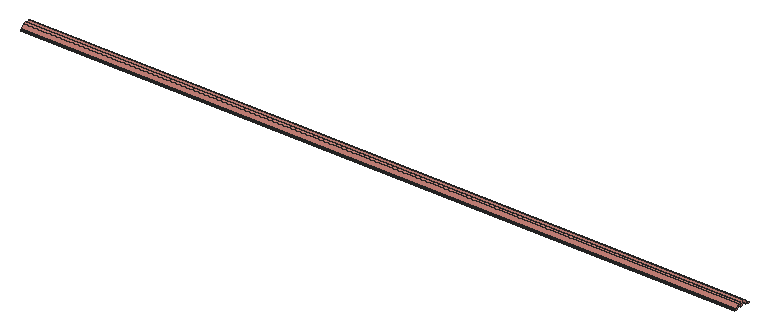
Revit family
Parameters (values of type "Track")
  Wire Height [instance] = 0' - 4 1/2"
  Warranty Duration (Years) = 0
  URL = "http://www.birdbgone.com/"
  Test Data = "http://www.birdbgone.com/bird-control-product-msds"
  Supports_Array [instance] = if(Supports > 1, Supports, 2)  # 2
  Supports [instance] = if(not(Int < Length Div), Int - 1, Int)  # 1
  SingleSupport [instance] = Supports = 1  # yes
  Int [instance] = Length Div  # 1
  Specification = "http://www.arcat.com/sdspecs/htm/10290bir.htm"
  SpecWizard = ""
  Send Message = "http://www.arcat.com/users.pl?action=UserEmail&company=Bird-B-Gone,%20Inc.&coid=38371&rep=147&fax=949-472-3116&mf="
  Sales Information = "http://www.birdbgone.com/bird-control-store/"
  Revision = "R1_10-2010"
  Product Properties = "http://www.arcat.com/bim/bim_info.pl?fn=BirdBGone"
  Product Data = "http://www.arcat.com/arcatcos/cos38/arc38371.html"
  Model = "As Specified in 10 81 19"
  Material = Plastic - Bird B Gone - Polycarbonate - Terracotta
  Manufacturer Website = "http://www.birdbgone.com/"
  Manufacturer Phone - Toll Free = "800-392-6915"
  Manufacturer Phone = "949-472-3122"
  Manufacturer Fax = "949-472-3116"
  Manufacturer Address = "23918 Skyline, Mission Viejo, CA 92692"
  Manufacturer = "Bird-B-Gone, Inc."
  Maintenance Schedule (Months) = 0
  Length Div [instance] = [built-in parameter 1001306] / 5' 0"  # 1.2
  built-in parameter 1001306 [instance] = 6' - 0"
  Keynote = "10 81 19"
  Installation-Fabrication = "http://www.birdbgone.com/installation-instructions"
  Installation Phase = ""
  Green Building-LEED = "http://www.arcat.com/green/clients/leed_data_38371.html"
  Expected Lifespan (Years) = 0
  Drawn By = "Robert S. Weygant, CSI, CDT, SCIP"
  Description = "Bird Control Equipment as Specified in 10 81 19"
  Copyright = "2010 ARCAT, Inc."
  Construction Details = "http://www.arcat.com/details/birdbgon/birdbgon.html?coid=38371"
  Building Codes = "http://www.birdbgone.com/knowledge-center/"
  Assembly Code = "E1090900"
  Array [instance] = Supports > 1  # no
Reference planes (in)
  plane 1 "Center (Front/Back)": y = 0
  plane 2: z = 0
  plane 3 "Left": x = 0
  plane 4 "Right": x = 72
  plane 5 "Wire": z = 0.5
  plane 6: y = 0.84375
  plane 7: y = -0.84375
Forms (in)
  Sweep 1, solid, material "Plastic - Bird B Gone - Polycarbonate - Terracotta" <- "Material", detail levels medium+fine
    path origin (0, 0, 0) x (1, 0, 0) y (0, 1, 0)
      loop
        line (72, 0) -> (0, 0)
    profile origin (36, 0, 0) x (0, -1, 0) y (0, 0, 1)
      loop
        line (0.03125, 0.0625) -> (-0.03125, 0.0625) -> (-0.1875, 0.5) -> (-0.375, 0.43304) -> (-0.59375, 0.0625) -> (-0.84375, 0.0625) -> (-0.84375, 0) -> (-0.55807, 0) -> (-0.33268, 0.38178) -> (-0.22534, 0.42012) -> (-0.07529, 0) -> (0.07529, 0) -> (0.22534, 0.42012) -> (0.33268, 0.38178) -> (0.55807, 0) -> (0.84375, 0) -> (0.84375, 0.0625) -> (0.59375, 0.0625) -> (0.375, 0.43304) -> (0.1875, 0.5) -> (0.03125, 0.0625)
Lines and regions (in)
  reference lines
    curve 1: line (0, 0, 0) -> (72, 0, 0)
Dimensions and locks (in)
  "built-in parameter 1001306": plane 3 "Left" to plane 4 "Right"
  plane 5 "Wire" to level = 0' - 0 1/2"
  plane 7 to plane 1 "Center (Front/Back)" to plane 6 = 0' - 0 27/32" locked, 0' - 0 27/32" locked
  aligned and locked: plane 4 "Right" to curve 1
  aligned and locked: plane 3 "Left" to curve 1
Automatic sketch dimensions
  curve 1 to plane 1 "Center (Front/Back)" = 0' - 0"
  Sweep 1 sketch curve to plane 1 "Center (Front/Back)" = 0' - 0"
  Sweep 1 sketch curve to plane 3 "Left" = 0' - 0"
  Sweep 1 sketch curve to plane 4 "Right" = 0' - 0"
  Sweep 1 sketch curve to level = 0' - 0"  (x2)
  level to Sweep 1 sketch curve = 0' - 0 1/16"  (x3)
  profile plane to Sweep 1 sketch curve = 0' - 0 27/32"
  Sweep 1 sketch curve to Sweep 1 sketch curve = 0' - 0 1/4"  (x2)
  Sweep 1 sketch curve to Sweep 1 sketch curve = 0' - 0.03568"  (x2)
  profile plane to Sweep 1 sketch curve = 0' - 0 3/8"
  Sweep 1 sketch curve to Sweep 1 sketch curve = 0' - 0.04232"  (x2)
  Sweep 1 sketch curve to Sweep 1 sketch curve = 0' - 0.10734"  (x2)
  Sweep 1 sketch curve to Sweep 1 sketch curve = 0' - 0.03784"  (x2)
  profile plane to Sweep 1 sketch curve = 0' - 0.07529"
  profile plane to Sweep 1 sketch curve = 0' - 0 1/32"
  Sweep 1 sketch curve to profile plane = 0' - 0 1/32"
  level to Sweep 1 sketch curve = 0' - 0"
  Sweep 1 sketch curve to Sweep 1 sketch curve = 0' - 0.04404"
  Sweep 1 sketch curve to profile plane = 0' - 0 3/16"
  Sweep 1 sketch curve to Sweep 1 sketch curve = 0' - 0.22539"
  level to Sweep 1 sketch curve = 0' - 0.38178"  (x2)
  Sweep 1 sketch curve to Sweep 1 sketch curve = 0' - 0.05125"  (x2)
